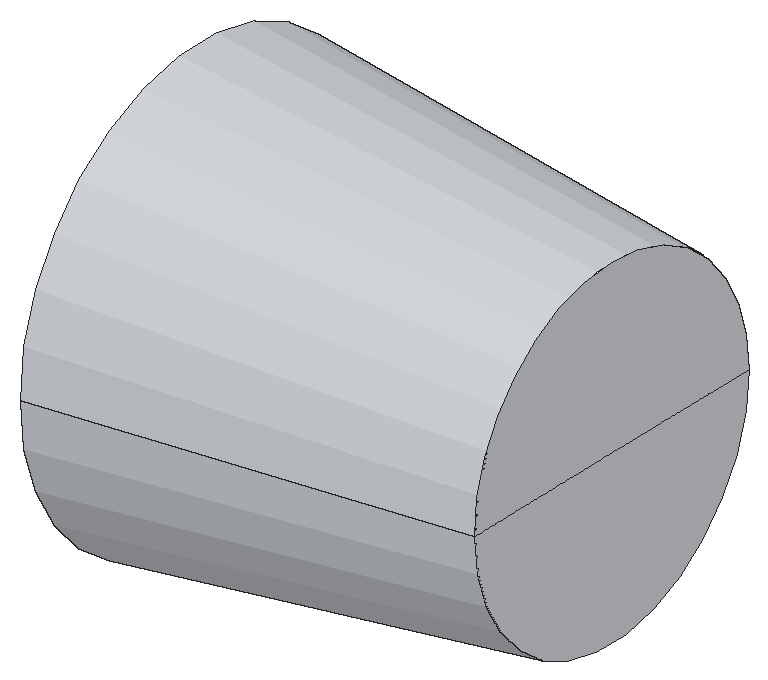
Revit family "299e2afa8ea94702962affd3422070af", category Pipe Fittings, Revit 2021
Family settings
  Round Connector Dimension = Use Radius
  Part Type = Transition
  OmniClass Number = 23.60.30.11.14
  OmniClass Title = Pipework Fittings
  Work Plane-Based = No
  Always vertical = Yes
  Cut with Voids When Loaded = No
  Shared = No
Parameters (values of type "Standard")
  Visibility 2 [instance] = Nominal Diameter 2 > Nominal Diameter 1  # no
  Visibility 1 [instance] = Nominal Diameter 1 > Nominal Diameter 2  # yes
  URL = ""
  Type Comments = ""
  Tick Size 2 [instance] = if(Nominal Diameter 1 > Nominal Diameter 2, Min Tick Size 12, Max Tick Size 12)  # 2.6500"
  Tick Size 1 [instance] = if(Nominal Diameter 1 > Nominal Diameter 2, Max Tick Size 12, Min Tick Size 12)  # 3.4500"
  Min Tick Size 12 [instance] = Min Fitting Outside Diameter 12 * 0.4  # 2.6500"
  Max Tick Size 12 [instance] = Max Fitting Outside Diameter 12 * 0.4  # 3.4500"
  Nominal Radius 2 [instance] = 3.0000"
  Nominal Radius 1 [instance] = 4.0000"
  Nominal Diameter 2 [instance] = Nominal Radius 2 * 2  # 6.0000"
  Nominal Diameter 1 [instance] = Nominal Radius 1 * 2  # 8.0000"
  Min Nominal Diameter 12 [instance] = if(Nominal Diameter 1 > Nominal Diameter 2, Nominal Diameter 2, Nominal Diameter 1)  # 6.0000"
  Max Nominal Diameter 12 [instance] = if(Nominal Diameter 1 > Nominal Diameter 2, Nominal Diameter 1, Nominal Diameter 2)  # 8.0000"
  Manufacturer = ""
  Loss Method = K Coefficient from Table
  Lookup Table Name = "Reducer Concentric - BV - Steel - Fabricated"
  Length [instance] = if(Nominal Diameter 1 = Nominal Diameter 2, Min Nominal Diameter 12 / 2, 4 * (Max Nominal Diameter 12 - Min Nominal Diameter 12))  # 8.0000"
  K Coefficient Table = "Reducer/Coupling/Union/Increaser"
  Fitting Outside Radius 2 [instance] = Fitting Outside Diameter 2 / 2  # 3.3125"
  Fitting Outside Radius 1 [instance] = Fitting Outside Diameter 1 / 2  # 4.3125"
  Min Fitting Outside Diameter 12 [instance] = size_lookup(Lookup Table Name, "FOD", 1.04 * Min Nominal Diameter 12, Min Nominal Diameter 12)  # 6.6250"
  Max Fitting Outside Diameter 12 [instance] = size_lookup(Lookup Table Name, "FOD", 1.04 * Max Nominal Diameter 12, Max Nominal Diameter 12)  # 8.6250"
  built-in parameter 1114238 [instance] = (empty or 0)
  Fitting Outside Diameter 2 [instance] = if(Nominal Diameter 1 > Nominal Diameter 2, Min Fitting Outside Diameter 12, Max Fitting Outside Diameter 12)  # 6.6250"
  Fitting Outside Diameter 1 [instance] = if(Nominal Diameter 1 > Nominal Diameter 2, Max Fitting Outside Diameter 12, Min Fitting Outside Diameter 12)  # 8.6250"
  Description = ""
  Default Elevation = 0.0000"
  Assembly Code = ""
Reference planes (in)
  plane 1 "Center (Front/Back)": y = 0
  plane 2: z = 0
  plane 3 "Center (Left/Right)": x = 0
  plane 4 "Right": x = 8
  plane 5 "TK1 Top": y = 3.45
  plane 6 "TK1 Bottom": y = -3.45
  plane 7 "TK2 Top": y = 2.65
  plane 8 "TK2 Bottom": y = -2.65
  plane 9: y = 4.3125
  plane 10: y = 3.3125
Forms (in)
  Extrusion 1, solid, not visible
    sketch origin (0, 0, 0) x (0, 1, 0) y (0, 0, 1)
      loop
        circle (0, 0) r 1
    from 0 to 8
  Revolve 2, solid, detail levels fine
    sketch origin (0, 0, 0) x (1, 0, 0) y (0, 1, 0)
      loop
        line (0, 0) -> (8, 0) -> (8, 3.3125) -> (0, 4.3125) -> (0, 0)
      axis (0, 0) -> (8, 0)
    angle from 0 to 360
Lines and regions (in)
  model lines, detail levels coarse+medium
    curve 1: line (0, 0, 0) -> (0, 3.45, 0)
    curve 2: line (0, -3.45, 0) -> (0, 0, 0)
    curve 3: line (8, 0, 0) -> (8, 2.65, 0)
    curve 4: line (8, 0, 0) -> (8, -2.65, 0)
  model lines, style "PipeFitting", visible <- "Visibility 1", detail levels coarse+medium
    curve 5: line (0, 3.45, 0) -> (8, 0, 0)
    curve 6: line (0, -3.45, 0) -> (8, 0, 0)
  model lines, style "PipeFitting", visible <- "Visibility 2", detail levels coarse+medium
    curve 7: line (8, 2.65, 0) -> (0, 0, 0)
    curve 8: line (0, 0, 0) -> (8, -2.65, 0)
Dimensions and locks (in)
  "Tick Size 1": plane 5 "TK1 Top" to plane 1 "Center (Front/Back)"
  "Tick Size 1": plane 6 "TK1 Bottom" to plane 1 "Center (Front/Back)"
  "Tick Size 2": plane 7 "TK2 Top" to plane 1 "Center (Front/Back)"
  "Tick Size 2": plane 8 "TK2 Bottom" to plane 1 "Center (Front/Back)"
  "Fitting Outside Radius 1": plane 9 to plane 1 "Center (Front/Back)"
  "Length": plane 3 "Center (Left/Right)" to plane 4 "Right"
  "Fitting Outside Radius 2": plane 10 to plane 1 "Center (Front/Back)"
  radius of Extrusion 1 sketch curve = 1.0000"
  aligned and locked: plane 2 to level
  aligned and locked: plane 2 to Extrusion 1 sketch curve
  aligned and locked: plane 1 "Center (Front/Back)" to Extrusion 1 sketch curve
  aligned and locked: Extrusion 1 to plane 3 "Center (Left/Right)"
  aligned and locked: plane 4 "Right" to Extrusion 1
  aligned and locked: plane 1 "Center (Front/Back)" to curve 2
  aligned and locked: plane 3 "Center (Left/Right)" to curve 1
  aligned and locked: plane 3 "Center (Left/Right)" to curve 2
  aligned and locked: plane 5 "TK1 Top" to curve 1
  aligned and locked: plane 6 "TK1 Bottom" to curve 2
  aligned and locked: plane 7 "TK2 Top" to curve 3
  aligned and locked: curve 4 to plane 4 "Right"
  aligned and locked: plane 1 "Center (Front/Back)" to Revolve 2 sketch curve
  aligned and locked: plane 3 "Center (Left/Right)" to Revolve 2 sketch curve
  aligned and locked: plane 4 "Right" to Revolve 2 sketch curve
  aligned and locked: Revolve 2 sketch curve to Revolve 2 sketch curve
Automatic sketch dimensions
  plane 8 "TK2 Bottom" to curve 8 = 0.0000"
  plane 1 "Center (Front/Back)" to curve 4 = 0.0000"
  Revolve 2 sketch curve to plane 10 = 0.0000"
  Revolve 2 sketch curve to plane 9 = 0.0000"
  Revolve 2 sketch curve to plane 3 "Center (Left/Right)" = 9.7500"
  Revolve 2 sketch curve to Revolve 2 sketch curve = 7.2500"
Connectors (in)
  piping at (0, 0, 0), diameter 8, driven by "Nominal Radius 1"
    settings: on Extrusion 1, index 1, connector inside diameter 8.0000", connector length 0.0000", flow factor 0, pipe flow 0 GPM, pressure drop 0.00 psi, fitting loss kfactor 0, connector angle 0.00°, fixture units 0, engagement length 0.0000", angle of deflection 0.00°, flow configuration 0, flow direction 0, fitting loss method 0, system type 28, joint type 0, gender type 0, connector reference index 2, connector utility 0, adjustable connector no, is connector primary yes, connector description ""
  piping at (8, 0, 0), diameter 6, driven by "Nominal Radius 2"
    settings: on Extrusion 1, index 2, connector inside diameter 6.0000", connector length 0.0000", flow factor 0, pipe flow 0 GPM, pressure drop 0.00 psi, fitting loss kfactor 0, connector angle 0.00°, fixture units 0, engagement length 0.0000", angle of deflection 0.00°, flow configuration 0, flow direction 0, fitting loss method 0, system type 28, joint type 0, gender type 0, connector reference index 1, connector utility 0, adjustable connector no, is connector primary no, connector description ""
